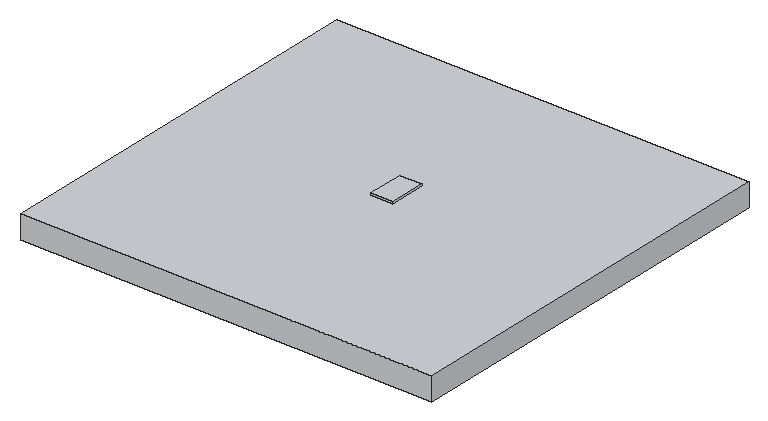
Revit family "dbe67e2459cf48208865e7a7919dfe6e", category Electrical Fixtures, host Face, Revit 2021
Family settings
  Host = Face
  Maintain Annotation Orientation = Yes
  Round Connector Dimension = Use Diameter
  Part Type = Normal
  OmniClass Number = 23.80.50.11.17
  OmniClass Title = Ground Fault Receptacles
  Seek Item ID = Clean Receptacle-0000-USA-ENU
  Cut with Voids When Loaded = No
  Shared = No
  Room Calculation Point = No
Parameters (values of type "Standard")
  Switch Voltage = 120 V
  Load Classification = Receptacle
  Load = 180 VA
  Default Elevation = 1' - 6"
  Assembly Code = ""
Types (3): name
  Standard
  Clean F
  Clean FD
Reference planes (in)
  plane 1 "Center (Front/Back)": y = 0
  plane 2: z = 0
  plane 3 "Center (Left/Right)": x = 0
  plane 4: x = -1.375
  plane 5: x = 1.375
  plane 6: x = -0.75
  plane 7: x = 0.75
  plane 8: y = 2.25
  plane 9: y = -2.25
  plane 10: y = 1.5
  plane 11: y = -1.5
  plane 12 "level above": z = 0.1875
  plane 13 "level below": z = -2.125
Forms (in)
  Extrusion 1, solid
    sketch origin (0, 0, 0) x (1, 0, 0) y (0, 1, 0)
      loop
        line (-25.375, 22.5) -> (-25.375, -26.25) -> (25.375, -26.25) -> (25.375, 22.5) -> (-25.375, 22.5)
    from 0 to -2.86111
  Extrusion 2, solid
    sketch origin (0, 0, 0) x (1, 0, 0) y (0, 1, 0)
      loop
        line (-1.375, 2.25) -> (-1.375, -2.25) -> (1.375, -2.25) -> (1.375, 2.25) -> (-1.375, 2.25)
    from 0 to 0.1875
  Extrusion 3, solid
    sketch origin (0, 0, 0) x (1, 0, 0) y (0, 1, 0)
      loop
        line (-0.75, 1.5) -> (-0.75, -1.5) -> (0.75, -1.5) -> (0.75, 1.5) -> (-0.75, 1.5)
    from 0 to -2.125
Lines and regions (in)
  symbolic lines, detail levels fine
    curve 1: line (1.375, 0, 0) -> (-1.375, 0, 0)
    curve 2: line (1.375, 0, 0.1875) -> (1.375, 0, 0)
    curve 3: line (-1.375, 0, 0.1875) -> (1.375, 0, 0.1875)
    curve 4: line (-1.375, 0, 0) -> (-1.375, 0, 0.1875)
    curve 5: line (0.75, 0, -2.125) -> (-0.75, 0, -2.125)
    curve 6: line (0.75, 0, 0) -> (0.75, 0, -2.125)
    curve 7: line (-0.75, 0, -2.125) -> (-0.75, 0, 0)
Dimensions and locks (in)
  equal spacing: plane 6, plane 3 "Center (Left/Right)", plane 7, locked at 0.75 each
  locked: plane 6 to plane 7 at 1.5
  equal spacing: plane 4, plane 3 "Center (Left/Right)", plane 5, locked at 1.375 each
  locked: plane 4 to plane 5 at 2.75
  locked: plane 8 to plane 9 at 4.5
  locked: plane 12 "level above" to level at 0.1875
  locked: level to plane 13 "level below" at 2.125
  locked: plane 10 to plane 11 at 3
  equal spacing: plane 10, plane 1 "Center (Front/Back)", plane 11, locked at 1.5 each
  equal spacing: plane 8, plane 1 "Center (Front/Back)", plane 9, locked at 2.25 each
  aligned and locked: plane 2 to Extrusion 1
  aligned and locked: level to Extrusion 1
  aligned and locked: plane 8 to Extrusion 2
  aligned and locked: Extrusion 2 to plane 9
  aligned and locked: plane 5 to Extrusion 2
  aligned and locked: Extrusion 2 to plane 4
  aligned and locked: Extrusion 2 to level
  aligned and locked: plane 12 "level above" to Extrusion 2
  aligned and locked: plane 10 to Extrusion 3
  aligned and locked: Extrusion 3 to plane 6
  aligned and locked: plane 7 to Extrusion 3
  aligned and locked: Extrusion 3 to plane 11
  aligned and locked: Extrusion 3 to level
  aligned and locked: Extrusion 3 to plane 13 "level below"
  aligned and locked: curve 4 to plane 4
  aligned and locked: plane 5 to curve 2
  aligned and locked: curve 3 to plane 12 "level above"
  aligned and locked: plane 2 to curve 1
  aligned and locked: curve 7 to plane 6
  aligned and locked: plane 7 to curve 6
  aligned and locked: plane 13 "level below" to curve 5
  aligned and locked: plane 1 "Center (Front/Back)" to nested 1
  aligned and locked: plane 3 "Center (Left/Right)" to nested 1
Automatic sketch dimensions
  Extrusion 2 sketch curve to plane 4 = 0' - 0"
  Extrusion 2 sketch curve to plane 5 = 0' - 0"
  Extrusion 2 sketch curve to plane 9 = 0' - 0"
  Extrusion 2 sketch curve to plane 8 = 0' - 0"
  Extrusion 3 sketch curve to plane 6 = 0' - 0"
  Extrusion 3 sketch curve to plane 7 = 0' - 0"
  Extrusion 3 sketch curve to plane 11 = 0' - 0"
  Extrusion 3 sketch curve to plane 10 = 0' - 0"
  Extrusion 1 sketch curve to Extrusion 1 sketch curve = 4' - 2 3/4"
  Extrusion 1 sketch curve to Extrusion 1 sketch curve = 4' - 0 3/4"
Nested families (in)
  nested 1: "Clean Receptacle Annotation" at (0, 0, 0), type "Clean Receptacle Annotation", detail levels coarse+medium
Connectors (in)
  electrical at (0, 1.5, -1.0625), driven by "Switch Voltage", driven by "Load", driven by "Load Classification"
    settings: on Extrusion 3, index 1, voltage 120 V, apparent load 0 VA, apparent load phase1 180 VA, apparent load phase2 0 VA, apparent load phase3 0 VA, power factor 1, load classification "Receptacle", number of poles 1, system type 31, power factor state 1, is connector primary yes, connector utility no, sub classification motor no, connector description ""
Definition of nested family "Clean Receptacle Annotation"
  Parameters
    Label Annotation = ""
  Reference planes (in)
    plane 1: y = 0
    plane 2: x = 0
  Lines and regions (in)
    Filled region 1, type "Filled region 1"
      outline origin (0, 0, 0) x (1, 0, 0) y (0, 1, 0)
        loop
          arc (0, 0.1875) -> (-0.0625, 0.125) -> (0, 0.0625) r 0.0625
          line (0, 0.0625) -> (0, 0.1875)
    reference lines
      curve 1: line (-0.56423, 0.125, 0) -> (0.61164, 0.125, 0)
    detail lines
      curve 2: circle (0, 0.125, 0) r 0.0625 normal (0, 0, 1)
      curve 3: line (0, 0.1875, 0) -> (0, 0, 0)
  Text (in)
    label "F" at (0.06027, 0.22823, 0), shows "Label Annotation"
  Dimensions and locks (in)
    locked: plane 1 to curve 1 at 0.125
    radius of curve 2 = 0' - 0 1/16"
    aligned and locked: curve 1 to curve 2
    aligned and locked: plane 2 to curve 2
    aligned and locked: plane 1 to curve 3
    aligned and locked: curve 3 to plane 2
